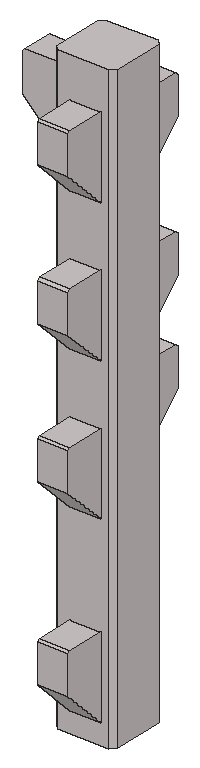
Revit family "rst_advanced_sample_family", category Structural Columns, Revit 2019
Family settings
  Display in Hidden Views = Edges Hidden by Other Members
  Section Shape = Not Defined
  Material for Model Behavior = Precast Concrete
  Always export as geometry = No
  Beam cutback in plan = From bounding box
  OmniClass Number = 23.25.30.11.14.11
  OmniClass Title = Columns
  Cut with Voids When Loaded = No
  Symbolic Representation = From Family
  Shared = No
  Show family pre-cut in plan views = No
Parameters (values of type "300x300-4 Levels")
  West Corbels Number 1 = if(West Corbels Number > 4, 4, West Corbels Number)  # 1
  Tie Rod Weight [instance] = 30
  Tie Rod W [instance] = (Tie Rod Weight) * 9.80 kN / 1000  # 0.294 kN
  Structural Material [instance] = Concrete - Precast Concrete - 35 MPa
  South Corbels Number 1 = if(South Corbels Number > 4, 4, South Corbels Number)  # 4
  South Corbels Number = 4
  South Corbel Type = Sloped Corbel : Sloped Corbel
  Single Rebar Weight [instance] = 50
  Single Rebar W [instance] = (Single Rebar Weight * 9.80 kN) / 1000  # 0.49 kN
  Rebar Grids Weight [instance] = 100
  Rebar Grids W [instance] = (Rebar Grids Weight * 9.80 kN) / 1000  # 0.98 kN
  North Corbels Number 1 = if(North Corbels Number > 4, 4, North Corbels Number)  # 3
  North Corbels Number = 3
  North Corbel Type = Sloped Corbel : Sloped Corbel
  East Corbels Number 1 = if(East Corbels Number > 4, 4, East Corbels Number)  # 0
  East Corbels Number = 0
  East Corbel Type = Sloped Corbel : Sloped Corbel
  Corbel Width = ""
  Corbel Width West = 150 mm
  Corbel Width South = 150 mm
  Corbel Width North = 150 mm
  Corbel Width East = 150 mm
  Corbel West 4 = and(West Corbels Number 1 = 4, not(West Corbels Number 1 = 0))  # no
  Corbel West 3 = and(or((West Corbels Number 1 = 3), (West Corbels Number 1 > 3)), not(West Corbels Number 1 = 0))  # no
  Corbel West 2 = and(or((West Corbels Number 1 = 2), (West Corbels Number 1 > 2)), not(West Corbels Number 1 = 0))  # no
  Corbel West 1 = and(or((West Corbels Number 1 = 1), (West Corbels Number 1 > 1)), not(West Corbels Number 1 = 0))  # yes
  West Corbels Number = 1
  West Corbel Type = Sloped Corbel : Sloped Corbel
  Corbel South 4 = and(South Corbels Number 1 = 4, not(South Corbels Number 1 = 0))  # yes
  Corbel South 3 = and(or((South Corbels Number 1 = 3), (South Corbels Number 1 > 3)), not(South Corbels Number 1 = 0))  # yes
  Corbel South 2 = and(or((South Corbels Number 1 = 2), (South Corbels Number 1 > 2)), not(South Corbels Number 1 = 0))  # yes
  Corbel South 1 = and(or((South Corbels Number 1 = 1), (South Corbels Number 1 > 1)), not(South Corbels Number 1 = 0))  # yes
  Corbel North 4 = and(North Corbels Number 1 = 4, not(North Corbels Number 1 = 0))  # no
  Corbel North 3 = and(or((North Corbels Number 1 = 3), (North Corbels Number 1 > 3)), not(North Corbels Number 1 = 0))  # yes
  Corbel North 2 = and(or((North Corbels Number 1 = 2), (North Corbels Number 1 > 2)), not(North Corbels Number 1 = 0))  # yes
  Corbel North 1 = and(or((North Corbels Number 1 = 1), (North Corbels Number 1 > 1)), not(North Corbels Number 1 = 0))  # yes
  Corbel Height = ""
  Corbel Height West = 400 mm
  Corbel Height South = 400 mm
  Corbel Height North = 400 mm
  Corbel Height East = 400 mm
  Corbel East 4 = and(East Corbels Number 1 = 4, not(East Corbels Number 1 = 0))  # no
  Corbel East 3 = and(or((East Corbels Number 1 = 3), (East Corbels Number 1 > 3)), not(East Corbels Number 1 = 0))  # no
  Corbel East 2 = and(or((East Corbels Number 1 = 2), (East Corbels Number 1 > 2)), not(East Corbels Number 1 = 0))  # no
  Corbel East 1 = and(or((East Corbels Number 1 = 1), (East Corbels Number 1 > 1)), not(East Corbels Number 1 = 0))  # no
  Corbel Distance from Top Level [instance] = ""
  Corbel Distance West 1 [instance] = 100 mm
  Corbel Distance West 2 [instance] = 700 mm
  Corbel Distance West 3 [instance] = 1300 mm
  Corbel Distance West 4 [instance] = 2100 mm
  Corbel Distance East 1 [instance] = 350 mm
  Corbel Distance East 2 [instance] = 950 mm
  Corbel Distance East 3 [instance] = 1750 mm
  Corbel Distance East 4 [instance] = 2450 mm
  Corbel Distance South 1 [instance] = 200 mm
  Corbel Distance South 2 [instance] = 900 mm
  Corbel Distance South 3 [instance] = 1600 mm
  Corbel Distance South 4 [instance] = 2500 mm
  Corbel Distance North 1 [instance] = 250 mm
  Corbel Distance North 2 [instance] = 950 mm
  Corbel Distance North 3 [instance] = 1450 mm
  Corbel Distance North 4 [instance] = 2350 mm
  Corbel Depth = ""
  Corbel Depth West = 200 mm
  Corbel Depth South = 200 mm
  Corbel Depth North = 200 mm
  Corbel Depth East = 200 mm
  Corbel Horizontal Offset [instance] = ""
  Corbel Offset West [instance] = 60 mm
  Corbel Offset South [instance] = 60 mm
  Corbel Offset North [instance] = 60 mm
  Corbel Offset East [instance] = 60 mm
  Corbel Chamfer [instance] = 10 mm
  Assembly Code = "B10"
  Chamfer = 25 mm
  b = 300 mm
  h = 300 mm
Types (9, lengths in mm): name | West Corbels Number 1 | South Corbels Number 1 | South Corbels Number | South Corbel Type | North Corbels Number 1 | North Corbels Number | North Corbel Type | East Corbels Number 1 | East Corbels Number | East Corbel Type | Corbel West 4 | Corbel West 3 | Corbel West 2 | Corbel West 1 | West Corbels Number | West Corbel Type | Corbel South 4 | Corbel South 3 | Corbel South 2 | Corbel South 1 | Corbel North 3 | Corbel North 2 | Corbel East 2 | Corbel East 1 | Assembly Code | b | h
  (no name) | 1 | 4 | 4 | Sloped Corbel : Sloped Corbel | 3 | 3 | Sloped Corbel : Sloped Corbel | 0 | 0 | Sloped Corbel : Sloped Corbel | no | no | no | yes | 1 | Sloped Corbel : Sloped Corbel | yes | yes | yes | yes | yes | yes | no | no | "B10" | 300 | 300
  300x300-2 Levels | 0 | 2 | 2 | Rectangular Corbel : Rectangular Corbel | 1 | 1 | Sloped Corbel : Sloped Corbel | 2 | 2 | Rectangular Corbel : Rectangular Corbel | no | no | no | no | 0 | Rectangular Corbel : Rectangular Corbel | no | no | yes | yes | no | no | yes | yes | 0 | 300 | 300
  450x450-2 Levels | 2 | 0 | 0 | Rectangular Corbel : Rectangular Corbel | 2 | 2 | Rectangular Corbel : Rectangular Corbel | 0 | 0 | Sloped Corbel : Sloped Corbel | no | no | yes | yes | 2 | Sloped Corbel : Sloped Corbel | no | no | no | no | no | yes | no | no | "B10" | 450 | 450
  300x300-4 Levels | 1 | 4 | 4 | Sloped Corbel : Sloped Corbel | 3 | 3 | Sloped Corbel : Sloped Corbel | 0 | 0 | Sloped Corbel : Sloped Corbel | no | no | no | yes | 1 | Sloped Corbel : Sloped Corbel | yes | yes | yes | yes | yes | yes | no | no | "B10" | 300 | 300
  300x300-3 Levels | 3 | 0 | 0 | Rectangular Corbel : Rectangular Corbel | 2 | 2 | Sloped Corbel : Sloped Corbel | 0 | 0 | Sloped Corbel : Sloped Corbel | no | yes | yes | yes | 3 | Rectangular Corbel : Rectangular Corbel | no | no | no | no | no | yes | no | no | "B10" | 300 | 300
  450x450-4 Levels | 4 | 0 | 0 | Rectangular Corbel : Rectangular Corbel | 1 | 1 | Rectangular Corbel : Rectangular Corbel | 2 | 2 | Sloped Corbel : Sloped Corbel | yes | yes | yes | yes | 4 | Sloped Corbel : Sloped Corbel | no | no | no | no | no | no | yes | yes | "B10" | 450 | 450
  450x450-3 Levels | 0 | 3 | 3 | Rectangular Corbel : Rectangular Corbel | 1 | 1 | Sloped Corbel : Sloped Corbel | 2 | 2 | Sloped Corbel : Sloped Corbel | no | no | no | no | 0 | Rectangular Corbel : Rectangular Corbel | no | yes | yes | yes | no | no | yes | yes | "B10" | 450 | 450
  300x300-1 Level | 0 | 1 | 1 | Sloped Corbel : Sloped Corbel | 1 | 1 | Sloped Corbel : Sloped Corbel | 1 | 1 | Sloped Corbel : Sloped Corbel | no | no | no | no | 0 | Rectangular Corbel : Rectangular Corbel | no | no | no | yes | no | no | no | yes | "B10" | 300 | 300
  450x450-1 Level | 1 | 0 | 0 | Rectangular Corbel : Rectangular Corbel | 1 | 1 | Rectangular Corbel : Rectangular Corbel | 1 | 1 | Sloped Corbel : Sloped Corbel | no | no | no | yes | 1 | Sloped Corbel : Sloped Corbel | no | no | no | no | no | no | no | yes | "B10" | 450 | 450
Reference planes
  plane 1 "Center (Front/Back)": y = 0
  plane 2: z = 0
  plane 3 "Center (Left/Right)": x = 0
  plane 4: x = -150
  plane 5: x = 150
  plane 6: y = 150
  plane 7: y = -150
  plane 8: x = -125
  plane 9: y = -125
  plane 10: x = 125
  plane 11: y = 125
  plane 12 "fill ref  west": z = 2900
  plane 13 "fill ref  north": z = 2750
  plane 14 "fill ref  south": z = 2800
  plane 15 "fill ref  east": z = 2650
  plane 16 "West 1": z = 2300
  plane 17 "East 1": z = 2050
  plane 18 "South 1": z = 2100
  plane 19 "North 1": z = 2050
  plane 20 "West 2": z = 1700
  plane 21 "East 2": z = 1250
  plane 22 "South 2": z = 1400
  plane 23 "North 2": z = 1550
  plane 24 "West 3": z = 900
  plane 25 "East 3": z = 550
  plane 26 "South 3": z = 500
  plane 27 "North 3": z = 650
  plane 28: y = 65
  plane 29: x = 65
  plane 30: y = -65
  plane 31: x = -65
  plane 32: x = -125
  plane 33: y = -125
  plane 34: x = 125
  plane 35: y = 125
Forms (mm)
  Extrusion 1, solid, material "Concrete - Precast Concrete - 35 MPa" <- "Structural Material"
    sketch origin (0, 0, 0) x (1, 0, 0) y (0, 1, 0)
      loop
        line (-125, 150) -> (-150, 125) -> (-150, -125) -> (-125, -150) -> (125, -150) -> (150, -125) -> (150, 125) -> (125, 150) -> (-125, 150)
    from 0 to 3000
Dimensions and locks
  equal spacing: plane 4, plane 3 "Center (Left/Right)", plane 5
  equal spacing: plane 7, plane 1 "Center (Front/Back)", plane 6
  "h": plane 7 to plane 6
  "b": plane 4 to plane 5
  "Chamfer": plane 4 to plane 8
  "Chamfer": plane 10 to plane 5
  "Chamfer": plane 11 to plane 6
  "Chamfer": plane 7 to plane 9
  "Corbel Offset West": plane 11 to plane 28
  "Corbel Offset South": plane 8 to plane 31
  "Corbel Offset East": plane 30 to plane 9
  "Corbel Offset North": plane 29 to plane 10
  "Corbel Distance West 1": level to plane 12 "fill ref  west"
  "Corbel Distance West 2": level to plane 16 "West 1"
  "Corbel Distance West 3": level to plane 20 "West 2"
  "Corbel Distance West 4": level to plane 24 "West 3"
  "Corbel Distance East 1": level to plane 15 "fill ref  east"
  "Corbel Distance East 2": level to plane 17 "East 1"
  "Corbel Distance East 3": level to plane 21 "East 2"
  "Corbel Distance East 4": level to plane 25 "East 3"
  "Corbel Distance South 1": level to plane 14 "fill ref  south"
  "Corbel Distance South 2": level to plane 18 "South 1"
  "Corbel Distance South 3": level to plane 22 "South 2"
  "Corbel Distance South 4": level to plane 26 "South 3"
  "Corbel Distance North 1": level to plane 13 "fill ref  north"
  "Corbel Distance North 2": level to plane 19 "North 1"
  "Corbel Distance North 3": level to plane 23 "North 2"
  "Corbel Distance North 4": level to plane 27 "North 3"
  aligned and locked: plane 6 to Extrusion 1 sketch curve
  aligned and locked: Extrusion 1 sketch curve to plane 7
  aligned and locked: Extrusion 1 sketch curve to plane 4
  aligned and locked: plane 5 to Extrusion 1 sketch curve
  aligned and locked: level to Extrusion 1
  aligned and locked: level to plane 2
  aligned and locked: Extrusion 1 to plane 2
  aligned and locked: nested 1 to plane 15 "fill ref  east"
  aligned and locked: nested 4 to plane 12 "fill ref  west"
  aligned and locked: nested 2 to plane 13 "fill ref  north"
  aligned and locked: nested 3 to plane 14 "fill ref  south"
  aligned and locked: nested 5 to plane 17 "East 1"
  aligned and locked: nested 6 to plane 21 "East 2"
  aligned and locked: nested 7 to plane 25 "East 3"
  aligned and locked: nested 8 to plane 16 "West 1"
  aligned and locked: nested 9 to plane 20 "West 2"
  aligned and locked: nested 10 to plane 24 "West 3"
  aligned and locked: nested 13 to plane 27 "North 3"
  aligned and locked: nested 12 to plane 23 "North 2"
  aligned and locked: nested 11 to plane 19 "North 1"
  aligned and locked: nested 16 to plane 26 "South 3"
  aligned and locked: nested 15 to plane 22 "South 2"
  aligned and locked: nested 14 to plane 18 "South 1"
  aligned and locked: plane 28 to nested 4
  aligned and locked: plane 28 to nested 8
  aligned and locked: plane 28 to nested 9
  aligned and locked: plane 28 to nested 10
  aligned and locked: plane 31 to nested 3
  aligned and locked: plane 31 to nested 14
  aligned and locked: plane 31 to nested 15
  aligned and locked: plane 31 to nested 16
  aligned and locked: plane 30 to nested 1
  aligned and locked: plane 30 to nested 5
  aligned and locked: plane 30 to nested 6
  aligned and locked: plane 30 to nested 7
  aligned and locked: nested 2 to plane 29
  aligned and locked: nested 11 to plane 29
  aligned and locked: nested 12 to plane 29
  aligned and locked: nested 13 to plane 29
  aligned and locked: plane 8 to plane 32
  aligned and locked: plane 33 to plane 9
  aligned and locked: plane 10 to plane 34
  aligned and locked: plane 35 to plane 11
Automatic sketch dimensions
  Extrusion 1 sketch curve to plane 8 = 0 mm  (x2)
  Extrusion 1 sketch curve to plane 10 = 0 mm  (x2)
  Extrusion 1 sketch curve to plane 9 = 0 mm  (x2)
  Extrusion 1 sketch curve to plane 11 = 0 mm  (x2)
Nested families
  nested 1: "Sloped Corbel" at (150, 10, 2650) x (0, 1, 0) z (1, 0, 0), Corbel Width <- "Corbel Width East", visible <- "Corbel East 1", type <- "East Corbel Type", Corbel Height <- "Corbel Height East", Corbel Depth <- "Corbel Depth East", type "Sloped Corbel"
    with TransChamfer 10 mm, Corbel Width 150 mm, Corbel Height 400 mm, Corbel Front 200 mm, Corbel Depth 200 mm
  nested 2: "Sloped Corbel" at (-10, 150, 2750) x (-1, 0, 0) z (0, 1, 0), Corbel Width <- "Corbel Width North", visible <- "Corbel North 1", type <- "North Corbel Type", Corbel Height <- "Corbel Height North", Corbel Depth <- "Corbel Depth North", type "Sloped Corbel"
    with TransChamfer 10 mm, Corbel Width 150 mm, Corbel Height 400 mm, Corbel Front 200 mm, Corbel Depth 200 mm
  nested 3: "Sloped Corbel" at (10, -150, 2800) x (1, 0, 0) z (0, -1, 0), Corbel Width <- "Corbel Width South", visible <- "Corbel South 1", type <- "South Corbel Type", Corbel Height <- "Corbel Height South", Corbel Depth <- "Corbel Depth South", type "Sloped Corbel"
    with TransChamfer 10 mm, Corbel Width 150 mm, Corbel Height 400 mm, Corbel Front 200 mm, Corbel Depth 200 mm
  nested 4: "Sloped Corbel" at (-150, -10, 2900) x (0, -1, 0) z (-1, 0, 0), Corbel Width <- "Corbel Width West", visible <- "Corbel West 1", type <- "West Corbel Type", Corbel Height <- "Corbel Height West", Corbel Depth <- "Corbel Depth West", type "Sloped Corbel"
    with TransChamfer 10 mm, Corbel Width 150 mm, Corbel Height 400 mm, Corbel Front 200 mm, Corbel Depth 200 mm
  nested 5: "Sloped Corbel" at (150, 10, 2050) x (0, 1, 0) z (1, 0, 0), Corbel Width <- "Corbel Width East", visible <- "Corbel East 2", type <- "East Corbel Type", Corbel Height <- "Corbel Height East", Corbel Depth <- "Corbel Depth East", type "Sloped Corbel"
    with TransChamfer 10 mm, Corbel Width 150 mm, Corbel Height 400 mm, Corbel Front 200 mm, Corbel Depth 200 mm
  nested 6: "Sloped Corbel" at (150, 10, 1250) x (0, 1, 0) z (1, 0, 0), Corbel Width <- "Corbel Width East", visible <- "Corbel East 3", type <- "East Corbel Type", Corbel Height <- "Corbel Height East", Corbel Depth <- "Corbel Depth East", type "Sloped Corbel"
    with TransChamfer 10 mm, Corbel Width 150 mm, Corbel Height 400 mm, Corbel Front 200 mm, Corbel Depth 200 mm
  nested 7: "Sloped Corbel" at (150, 10, 550) x (0, 1, 0) z (1, 0, 0), Corbel Width <- "Corbel Width East", visible <- "Corbel East 4", type <- "East Corbel Type", Corbel Height <- "Corbel Height East", Corbel Depth <- "Corbel Depth East", type "Sloped Corbel"
    with TransChamfer 10 mm, Corbel Width 150 mm, Corbel Height 400 mm, Corbel Front 200 mm, Corbel Depth 200 mm
  nested 8: "Sloped Corbel" at (-150, -10, 2300) x (0, -1, 0) z (-1, 0, 0), Corbel Width <- "Corbel Width West", visible <- "Corbel West 2", type <- "West Corbel Type", Corbel Height <- "Corbel Height West", Corbel Depth <- "Corbel Depth West", type "Sloped Corbel"
    with TransChamfer 10 mm, Corbel Width 150 mm, Corbel Height 400 mm, Corbel Front 200 mm, Corbel Depth 200 mm
  nested 9: "Sloped Corbel" at (-150, -10, 1700) x (0, -1, 0) z (-1, 0, 0), Corbel Width <- "Corbel Width West", visible <- "Corbel West 3", type <- "West Corbel Type", Corbel Height <- "Corbel Height West", Corbel Depth <- "Corbel Depth West", type "Sloped Corbel"
    with TransChamfer 10 mm, Corbel Width 150 mm, Corbel Height 400 mm, Corbel Front 200 mm, Corbel Depth 200 mm
  nested 10: "Sloped Corbel" at (-150, -10, 900) x (0, -1, 0) z (-1, 0, 0), Corbel Width <- "Corbel Width West", visible <- "Corbel West 4", type <- "West Corbel Type", Corbel Height <- "Corbel Height West", Corbel Depth <- "Corbel Depth West", type "Sloped Corbel"
    with TransChamfer 10 mm, Corbel Width 150 mm, Corbel Height 400 mm, Corbel Front 200 mm, Corbel Depth 200 mm
  nested 11: "Sloped Corbel" at (-10, 150, 2050) x (-1, 0, 0) z (0, 1, 0), Corbel Width <- "Corbel Width North", visible <- "Corbel North 2", type <- "North Corbel Type", Corbel Height <- "Corbel Height North", Corbel Depth <- "Corbel Depth North", type "Sloped Corbel"
    with TransChamfer 10 mm, Corbel Width 150 mm, Corbel Height 400 mm, Corbel Front 200 mm, Corbel Depth 200 mm
  nested 12: "Sloped Corbel" at (-10, 150, 1550) x (-1, 0, 0) z (0, 1, 0), Corbel Width <- "Corbel Width North", visible <- "Corbel North 3", type <- "North Corbel Type", Corbel Height <- "Corbel Height North", Corbel Depth <- "Corbel Depth North", type "Sloped Corbel"
    with TransChamfer 10 mm, Corbel Width 150 mm, Corbel Height 400 mm, Corbel Front 200 mm, Corbel Depth 200 mm
  nested 13: "Sloped Corbel" at (-10, 150, 650) x (-1, 0, 0) z (0, 1, 0), Corbel Width <- "Corbel Width North", visible <- "Corbel North 4", type <- "North Corbel Type", Corbel Height <- "Corbel Height North", Corbel Depth <- "Corbel Depth North", type "Sloped Corbel"
    with TransChamfer 10 mm, Corbel Width 150 mm, Corbel Height 400 mm, Corbel Front 200 mm, Corbel Depth 200 mm
  nested 14: "Sloped Corbel" at (10, -150, 2100) x (1, 0, 0) z (0, -1, 0), Corbel Width <- "Corbel Width South", visible <- "Corbel South 2", type <- "South Corbel Type", Corbel Height <- "Corbel Height South", Corbel Depth <- "Corbel Depth South", type "Sloped Corbel"
    with TransChamfer 10 mm, Corbel Width 150 mm, Corbel Height 400 mm, Corbel Front 200 mm, Corbel Depth 200 mm
  nested 15: "Sloped Corbel" at (10, -150, 1400) x (1, 0, 0) z (0, -1, 0), Corbel Width <- "Corbel Width South", visible <- "Corbel South 3", type <- "South Corbel Type", Corbel Height <- "Corbel Height South", Corbel Depth <- "Corbel Depth South", type "Sloped Corbel"
    with TransChamfer 10 mm, Corbel Width 150 mm, Corbel Height 400 mm, Corbel Front 200 mm, Corbel Depth 200 mm
  nested 16: "Sloped Corbel" at (10, -150, 500) x (1, 0, 0) z (0, -1, 0), Corbel Width <- "Corbel Width South", visible <- "Corbel South 4", type <- "South Corbel Type", Corbel Height <- "Corbel Height South", Corbel Depth <- "Corbel Depth South", type "Sloped Corbel"
    with TransChamfer 10 mm, Corbel Width 150 mm, Corbel Height 400 mm, Corbel Front 200 mm, Corbel Depth 200 mm
Definition of nested family "Sloped Corbel"
  Parameters
    TransChamfer [instance] = if(Chamfer = 0 mm, Corbel Depth / 2, Chamfer)  # 10 mm
    Material = none
    Default Elevation = 0 mm
    Corbel Width [instance] = 304.8 mm
    Corbel Height [instance] = 700 mm
    Corbel Front [instance] = Corbel Height - Corbel Depth  # 300 mm
    Corbel Depth [instance] = 400 mm
    Chamfer = 10 mm
    Assembly Code = ""
  Reference planes
    plane 1 "Center (Front/Back)": y = 0
    plane 2: z = 0
    plane 3 "Center (Left/Right)": x = 0
    plane 4: y = -700
    plane 5: y = -10
    plane 6: z = 400
    plane 7: z = 390
    plane 8 "Left": x = -152.4
    plane 9 "Right": x = 152.4
    plane 10: y = -300
  Forms (mm)
    Extrusion 1, solid
      sketch origin (0, 0, 0) x (1, 0, 0) y (0, 1, 0)
        loop
          line (-844.162, 1219.2) -> (-844.162, -1219.2) -> (762, -1219.2) -> (762, 1219.2) -> (-844.162, 1219.2)
      from 0 to -304.8
    Sweep 2, solid, material <- "Material"
      path origin (0, 0, 0) x (1, 0, 0) y (0, 1, 0)
        loop
          line (-152.4, 0) -> (152.4, 0)
      profile origin (0, 0, 0) x (0, 1, 0) y (0, 0, 1)
        loop
          line (0, 0) -> (0, 390) -> (-10, 400) -> (-300, 400) -> (-700, 0) -> (0, 0)
  Dimensions and locks
    "Corbel Depth": plane 6 to plane 2
    "TransChamfer": plane 6 to plane 7
    "Corbel Height": plane 4 to plane 1 "Center (Front/Back)"
    "Chamfer": plane 5 to plane 1 "Center (Front/Back)"
    "Corbel Width": plane 8 "Left" to plane 9 "Right"
    equal spacing: plane 8 "Left", plane 3 "Center (Left/Right)", plane 9 "Right"
    "Corbel Front": plane 10 to plane 1 "Center (Front/Back)"
    aligned and locked: plane 2 to Extrusion 1
    aligned and locked: level to Extrusion 1
    aligned and locked: plane 1 "Center (Front/Back)" to Sweep 2 sketch curve  (x2)
    aligned and locked: plane 2 to Sweep 2 sketch curve
    aligned and locked: plane 7 to Sweep 2 sketch curve
    aligned and locked: plane 8 "Left" to Sweep 2 sketch curve
    aligned and locked: plane 9 "Right" to Sweep 2 sketch curve
    aligned and locked: plane 4 to Sweep 2 sketch curve
    aligned and locked: Sweep 2 sketch curve to plane 6
    aligned and locked: plane 5 to Sweep 2 sketch curve
    aligned and locked: plane 10 to Sweep 2 sketch curve
  Automatic sketch dimensions
    Extrusion 1 sketch curve to Extrusion 1 sketch curve = 1606.162 mm
    Extrusion 1 sketch curve to Extrusion 1 sketch curve = 2438.4 mm
